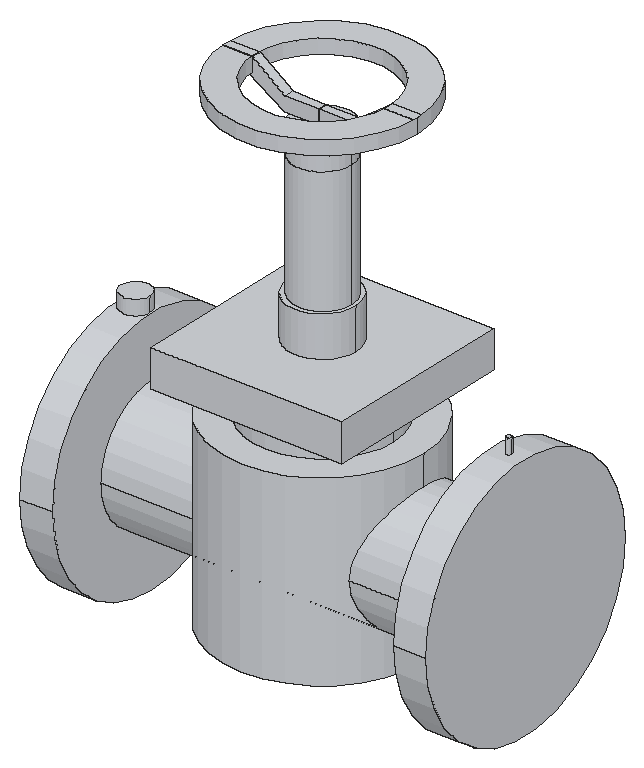
Revit family "Sigma_Compact_DN300-HF_PN16_RFA_2019", category Pipe Accessories, Revit 2019
Family settings
  Round Connector Dimension = Use Diameter
  Part Type = Valve - Breaks Into
  Work Plane-Based = No
  Always vertical = Yes
  Cut with Voids When Loaded = No
  Shared = No
Parameters (values of type "Sigma Compact DN 300 HF PN16")
  magiProductId = "f903017b03a74a7ebca8b59c0516bf"
  magiProductFamilyId = "01495da7eb234de3883c6bc9c8853e"
  magiPartTypeId = 304
  isMeasuringValve [instance] = no
  ang2D [instance] = 0.00°
  W2D = 50 mm
  VersionID = "2.0/2018.12.13.2/FRESE_SIGMA_C_BIG_Q13_001"
  Use Minimum Symbol Size [instance] = no
  URL = "www.hydronix.cz"
  Type Comments = "přírubový; PN16; max dp=800kPa; 0~+110°C; max uzavírací tlak 1MPa"
  R4 = 148.75 mm
  R3 = 135.2 mm
  R1 = 212.5 mm
  QmdConnectorList = "301;D;302;D"
  Productdata [instance] = ""
  Manufacturer = "Hydronix"
  Maintenance Zone Under Depth [instance] = 100 mm
  Maintenance Zone Right Depth [instance] = 100 mm
  Maintenance Zone Over Depth [instance] = 100 mm
  Maintenance Zone Left Depth [instance] = 100 mm
  Maintenance Zone Front Depth [instance] = 100 mm
  Maintenance Zone Back Depth [instance] = 100 mm
  Maintenance Zone Front Visibility [instance] = no
  MC Use Limits From Balancing Method = no
  MC Throttling Minimum Value = 0
  MC Throttling Maximum Value = 0
  MC Product Code = "53-2418 DN300; PN16; (245000-600000 l/h); kvs=717"
  MC Pressure Drop Minimum Value = 0.0 Pa
  MC Pressure Drop Maximum Value = 0.0 Pa
  MC Piping Given Pressure Drop [instance] = 0.0 Pa
  LF__ve = -LF  # -68 mm
  LF2 = 34 mm
  LF = 68 mm
  L432 = 69.912 mm
  L43 = 139.825 mm
  L42 = 199.75 mm
  L4 = 399.5 mm
  L3 = 714 mm
  L2D_Min = 30.48 mm
  L2D = 230 mm
  L2 = 425 mm
  HH12 = 29 mm
  HH1 = 58 mm
  HDF__ve = -HDF  # -424 mm
  HDF = 424 mm
  H6 = 85 mm
  H4 = 78 mm
  H3 = 65 mm
  H2 = 195 mm
  H11 = 390 mm
  H1 = 1082 mm
  H = 944 mm
  Description = "Automatický vyvažovací ventil"
  DF2 = 260 mm
  D = 300 mm
  Clearance Zone Height Depth [instance] = 100 mm
  Clearance Zone Circular Radius [instance] = 425 mm
  Clearance Zone Visibility [instance] = no
  CAT0 = yes
Types (9, lengths in mm): name | magiProductId | Type Comments | R4 | R3 | R1 | MC Product Code | LF__ve | LF2 | LF | L432 | L43 | L42 | L4 | L3 | L2 | HH12 | HH1 | HDF__ve | HDF | H4 | H3 | H2 | H11 | H1 | H | DF2 | D | Clearance Zone Circular Radius
  Sigma Compact DN 050 HF PN16 | "68e8ec0e285d475ea5c3f8787337ca" | "přírubový; PN16; max dp=800kPa; 0~+120°C; max uzavírací tlak 1MPa" | 40.25 | 42.9 | 57.5 | "53-2410 DN50; PN16; (3920-24000 l/h); kvs=34" | -18.4 | 9.2 | 18.4 | 18.917 | 37.835 | 54.05 | 108.1 | 193.2 | 115 | 16.5 | 33 | -202 | 202 | 24.75 | 20.625 | 61.875 | 123.75 | 480 | 367 | 82.5 | 50 | 115
  Sigma Compact DN 065 HF PN16 | "93d22af618bf47d6be13ef3bd41a97" | "přírubový; PN16; max dp=800kPa; 0~+120°C; max uzavírací tlak 1MPa" | 50.75 | 48.1 | 72.5 | "53-2411 DN65; PN16; (5950-35000 l/h); kvs=47" | -23.2 | 11.6 | 23.2 | 23.853 | 47.705 | 68.15 | 136.3 | 243.6 | 145 | 16.5 | 33 | -199 | 199 | 27.75 | 23.125 | 69.375 | 138.75 | 497 | 384 | 92.5 | 65 | 145
  Sigma Compact DN 080 HF PN16 | "30d16928369c437789493110503824" | "přírubový; PN16; max dp=800kPa; 0~+120°C; max uzavírací tlak 1MPa" | 54.25 | 52 | 77.5 | "53-2412 DN80; PN16; (7020-43000 l/h); kvs=61" | -24.8 | 12.4 | 24.8 | 25.497 | 50.995 | 72.85 | 145.7 | 260.4 | 155 | 16.5 | 33 | -213 | 213 | 30 | 25 | 75 | 150 | 526 | 413 | 100 | 80 | 155
  Sigma Compact DN 100 HF PN16 | "cbc2fc0a341c4a2b87b0bcbf79c376" | "přírubový; PN16; max dp=800kPa; 0~+120°C; max uzavírací tlak 1MPa" | 61.25 | 61.1 | 87.5 | "53-2413 DN100; PN16; (14800-90000 l/h); kvs=104" | -28 | 14 | 28 | 28.788 | 57.575 | 82.25 | 164.5 | 294 | 175 | 34 | 68 | -331 | 331 | 35.25 | 29.375 | 88.125 | 176.25 | 714 | 566 | 117.5 | 100 | 175
  Sigma Compact DN 125 HF PN16 | "02452206f7594718b3d97e4e693144" | "přírubový; PN16; max dp=800kPa; 0~+120°C; max uzavírací tlak 1MPa" | 70 | 70.2 | 100 | "53-2414 DN125; PN16; (23000-135000 l/h); kvs=185" | -32 | 16 | 32 | 32.9 | 65.8 | 94 | 188 | 336 | 200 | 36.5 | 73 | -338 | 338 | 40.5 | 33.75 | 101.25 | 202.5 | 761 | 608 | 135 | 125 | 200
  Sigma Compact DN 150 HF PN16 | "2e5d0064e2dd45fa818d7fb779c9a5" | "přírubový; PN16; max dp=800kPa; 0~+110°C; max uzavírací tlak 1MPa" | 84 | 74.1 | 120 | "53-2415 DN150; PN16; (32000-195000 l/h); kvs=242" | -38.4 | 19.2 | 38.4 | 39.48 | 78.96 | 112.8 | 225.6 | 403.2 | 240 | 13 | 26 | -391 | 391 | 42.75 | 35.625 | 106.875 | 213.75 | 782 | 676 | 142.5 | 150 | 240
  Sigma Compact DN 200 HF PN16 | "9690c155034b41f3a54554dedb5edf" | "přírubový; PN16; max dp=800kPa; 0~+110°C; max uzavírací tlak 1MPa" | 105 | 98.8 | 150 | "53-2416 DN200; PN16; (130000-280000 l/h); kvs=317" | -48 | 24 | 48 | 49.35 | 98.7 | 141 | 282 | 504 | 300 | 29.5 | 59 | -334 | 334 | 57 | 47.5 | 142.5 | 285 | 853 | 714 | 190 | 200 | 300
  Sigma Compact DN 250 HF PN16 | "baee3668eb0d4f168225ec1ed946f7" | "přírubový; PN16; max dp=800kPa; 0~+110°C; max uzavírací tlak 1MPa" | 127.75 | 115.44 | 182.5 | "53-2417 DN250; PN16; (245000-600000 l/h); kvs=717" | -58.4 | 29.2 | 58.4 | 60.042 | 120.085 | 171.55 | 343.1 | 613.2 | 365 | 29 | 58 | -462 | 462 | 66.6 | 55.5 | 166.5 | 333 | 1044 | 906 | 222 | 250 | 365
  Sigma Compact DN 300 HF PN16 | "f903017b03a74a7ebca8b59c0516bf" | "přírubový; PN16; max dp=800kPa; 0~+110°C; max uzavírací tlak 1MPa" | 148.75 | 135.2 | 212.5 | "53-2418 DN300; PN16; (245000-600000 l/h); kvs=717" | -68 | 34 | 68 | 69.912 | 139.825 | 199.75 | 399.5 | 714 | 425 | 29 | 58 | -424 | 424 | 78 | 65 | 195 | 390 | 1082 | 944 | 260 | 300 | 425
Reference planes
  plane 1 "Center (Front/Back)": y = 0
  plane 2 "XYPLANE": z = 0
  plane 3 "Center (Left/Right)": x = 0
  plane 4 "298": y = -360
  plane 5 "297": y = 360
  plane 6 "296": y = -260
  plane 7 "295": y = 260
  plane 8 "294": z = -360
  plane 9 "293": z = 922
  plane 10 "292": x = -525
  plane 11 "291": x = 525
  plane 12 "290": z = 922
  plane 13 "256": y = -20
  plane 14 "254": z = 703
  plane 15 "253": z = 713
  plane 16 "252": x = -40
  plane 17 "251": x = -30
  plane 18 "250": x = 40
  plane 19 "249": x = 30
  plane 20 "247": z = 423
  plane 21 "244": z = 684
  plane 22 "243": x = 199.75
  plane 23 "242": x = 139.825
  plane 24 "241": x = 69.912
  plane 25 "240": y = -10
  plane 26 "238": x = -69.912
  plane 27 "237": x = -139.825
  plane 28 "236": z = 742
  plane 29 "235": z = 772
  plane 30 "234": x = -199.75
  plane 31 "225": z = 822
  plane 32 "224": z = -260
  plane 33 "157": x = 391
  plane 34 "156": x = -391
  plane 35 "155": z = 260
  plane 36 "154": z = 338
  plane 37 "153": z = 260
  plane 38 "152": z = 195
  plane 39 "151": x = -357
  plane 40 "150": z = -195
  plane 41 "149": x = 0
  plane 42 "148": y = 0
  plane 43 "147": z = 0
  plane 44 "146": x = -425
  plane 45 "145": x = 425
Forms (mm)
  Blend 1, solid, visible <- "Maintenance Zone Front Visibility"
    base sketch origin (-750, 0, 922) x (1, 0, 0) y (0, 1, 0)
      loop
        line (225, 360) -> (225, -360) -> (1275, -360) -> (1275, 360) -> (225, 360)
    top sketch origin (-750, 0, 922) x (1, 0, 0) y (0, 1, 0)
      loop
        line (225, 360) -> (225, -360) -> (1275, -360) -> (1275, 360) -> (225, 360)
    from 0 to -1282
  Blend 2, solid, visible <- "Clearance Zone Visibility"
    base sketch origin (-750, 0, 0) x (1, 0, 0) y (0, 1, 0)
      loop
        circle (750, 0) r 425
    top sketch origin (-750, 0, 0) x (1, 0, 0) y (0, 1, 0)
      loop
        circle (750, 0) r 425
    from 0 to 922
  Extrusion 3, solid
    sketch origin (-750, 0, 684) x (1, 0, 0) y (0, 1, 0)
      loop
        circle (750, 0) r 60.995
    from 0 to -424 <- "HDF__ve"
  Extrusion 4, solid
    sketch origin (-750, 0, 423) x (1, 0, 0) y (0, 1, 0)
      loop
        line (780, 20) -> (720, 20) -> (720, -20) -> (780, -20) -> (780, 20)
    from 0 to 25
  Extrusion 5, solid
    sketch origin (750, -20, 0) x (-1, 0, 0) y (0, 0, 1)
      loop
        line (790, 423) -> (790, 713) -> (710, 713) -> (710, 423) -> (720, 423) -> (720, 703) -> (780, 703) -> (780, 423) -> (790, 423)
    from 0 to 40
  Extrusion 6, solid
    sketch origin (-750, 0, 423) x (1, 0, 0) y (0, 1, 0)
      loop
        circle (750, 0) r 25
    from 0 to 30
  Extrusion 7, solid
    sketch origin (750, -10, 0) x (-1, 0, 0) y (0, 0, 1)
      loop
        line (889.825, 822) -> (819.912, 772) -> (750, 772) -> (750, 742) -> (819.912, 742) -> (949.75, 822) -> (889.825, 822)
    from 0 to 20
  Extrusion 8, solid
    sketch origin (750, -10, 0) x (-1, 0, 0) y (0, 0, 1)
      loop
        line (610.175, 822) -> (550.25, 822) -> (680.088, 742) -> (750, 742) -> (750, 772) -> (680.088, 772) -> (610.175, 822)
    from 0 to 20
  Extrusion 9, solid
    sketch origin (-750, 0, 684) x (1, 0, 0) y (0, 1, 0)
      loop
        circle (750, 0) r 60.995
    from 0 to 58 <- "HH1"
  Extrusion 10, solid
    sketch origin (-750, 0, 822) x (1, 0, 0) y (0, 1, 0)
      loop
        circle (750, 0) r 199.75
      loop
        circle (750, 0) r 139.825
    from 0 to -30
  Extrusion 11, solid, visible <- "CAT0"
    sketch origin (-750, 0, 260) x (1, 0, 0) y (0, 1, 0)
      loop
        circle (1141, 0) r 5.5
    from 0 to 30
  Extrusion 12, solid, visible <- "CAT0"
    sketch origin (-750, 0, 260) x (1, 0, 0) y (0, 1, 0)
      loop
        circle (359, 0) r 30.3
    from 0 to 30
  Extrusion 13, solid, visible <- "CAT0"
    sketch origin (-750, 0, 338) x (1, 0, 0) y (0, 1, 0)
      loop
        circle (750, 0) r 70.995
    from 0 to 85 <- "H6"
  Extrusion 14, solid, visible <- "CAT0"
    sketch origin (-750, 0, 260) x (1, 0, 0) y (0, 1, 0)
      loop
        line (949.75, 199.75) -> (550.25, 199.75) -> (550.25, -199.75) -> (949.75, -199.75) -> (949.75, 199.75)
    from 0 to 78 <- "H4"
  Extrusion 15, solid, visible <- "CAT0"
    sketch origin (-750, 0, 195) x (1, 0, 0) y (0, 1, 0)
      loop
        circle (750, 0) r 148.75
    from 0 to 65 <- "H3"
  Extrusion 16, solid, visible <- "CAT0"
    sketch origin (-357, -750, 0) x (0, 1, 0) y (0, 0, 1)
      loop
        circle (750, 0) r 135.2
    from 0 to 714 <- "L3"
  Extrusion 17, solid, visible <- "CAT0"
    sketch origin (-750, 0, -195) x (1, 0, 0) y (0, 1, 0)
      loop
        circle (750, 0) r 212.5
    from 0 to 390 <- "H11"
  Extrusion 18, solid, visible <- "CAT0"
    sketch origin (-425, -750, 0) x (0, 1, 0) y (0, 0, 1)
      loop
        circle (750, 0) r 260
    from 0 to 68 <- "LF"
  Extrusion 19, solid, visible <- "CAT0"
    sketch origin (425, -750, 0) x (0, 1, 0) y (0, 0, 1)
      loop
        circle (750, 0) r 260
    from 0 to -68 <- "LF__ve"
  Extrusion 20, solid, not visible
    sketch origin (-425, -750, 0) x (0, 1, 0) y (0, 0, 1)
      loop
        circle (750, 0) r 10
    from 0 to 10
  Extrusion 21, solid, not visible
    sketch origin (425, -750, 0) x (0, 1, 0) y (0, 0, 1)
      loop
        circle (750, 0) r 10
    from 0 to -10
Lines and regions (mm)
  reference lines, not visible
    curve 1: circle (2, 2, 0) r 1 normal (0, 0, 1)
  reference lines
    curve 2: circle (0, 0, 260) r 1 normal (0, 0, 1)
Dimensions and locks
  plane 1 "Center (Front/Back)" to curve 1 = 2 mm
  "Maintenance Zone Front Depth": plane 6 "296" to plane 4 "298"
  "Maintenance Zone Back Depth": plane 7 "295" to plane 5 "297"
  "DF2": plane 42 "148" to plane 6 "296"
  "DF2": plane 42 "148" to plane 7 "295"
  "Maintenance Zone Under Depth": plane 32 "224" to plane 8 "294"
  "Maintenance Zone Over Depth": plane 31 "225" to plane 9 "293"
  "Maintenance Zone Left Depth": plane 44 "146" to plane 10 "292"
  "Maintenance Zone Right Depth": plane 45 "145" to plane 11 "291"
  "Clearance Zone Height Depth": plane 31 "225" to plane 12 "290"
  locked: plane 25 "240" to plane 13 "256" at 10
  locked: plane 15 "253" to plane 14 "254" at 10
  "HH12": plane 21 "244" to plane 15 "253"
  locked: plane 17 "251" to plane 16 "252" at 10
  locked: plane 41 "149" to plane 17 "251" at 30
  locked: plane 19 "249" to plane 18 "250" at 10
  locked: plane 41 "149" to plane 19 "249" at 30
  "H6": plane 36 "154" to plane 20 "247"
  "H": plane 32 "224" to plane 21 "244"
  "L42": plane 41 "149" to plane 22 "243"
  "L43": plane 41 "149" to plane 23 "242"
  "L432": plane 41 "149" to plane 24 "241"
  locked: plane 42 "148" to plane 25 "240" at 10
  "L432": plane 41 "149" to plane 26 "238"
  "L43": plane 41 "149" to plane 27 "237"
  locked: plane 29 "235" to plane 28 "236" at 30
  locked: plane 31 "225" to plane 29 "235" at 50
  "L42": plane 41 "149" to plane 30 "234"
  "H1": plane 32 "224" to plane 31 "225"
  "DF2": plane 2 "XYPLANE" to plane 32 "224"
  "LF2": plane 45 "145" to plane 33 "157"
  "LF2": plane 44 "146" to plane 34 "156"
  "DF2": plane 2 "XYPLANE" to plane 35 "155"
  "H4": plane 37 "153" to plane 36 "154"
  "H3": plane 38 "152" to plane 37 "153"
  "H11": plane 40 "150" to plane 38 "152"
  "LF": plane 44 "146" to plane 39 "151"
  "H2": plane 2 "XYPLANE" to plane 40 "150"
  locked: plane 3 "Center (Left/Right)" to plane 41 "149"
  locked: plane 1 "Center (Front/Back)" to plane 42 "148"
  locked: plane 2 "XYPLANE" to plane 43 "147"
  "L2": plane 3 "Center (Left/Right)" to plane 44 "146"
  "L2": plane 3 "Center (Left/Right)" to plane 45 "145"
  Blend 1 sketch curve to Blend 1 sketch curve = 0 mm  (x16)
  Extrusion 4 sketch curve to Extrusion 4 sketch curve = 0 mm  (x8)
  Extrusion 5 sketch curve to Extrusion 5 sketch curve = 0 mm  (x16)
  Extrusion 7 sketch curve to Extrusion 7 sketch curve = 0 mm  (x12)
  Extrusion 8 sketch curve to Extrusion 8 sketch curve = 0 mm  (x12)
  equal spacing: Extrusion 14 sketch curve, curve 2, Extrusion 14 sketch curve  (x2)
  "L4": Extrusion 14 sketch curve to Extrusion 14 sketch curve  (x2)
  Extrusion 14 sketch curve to Extrusion 14 sketch curve = 0 mm  (x8)
  "Clearance Zone Circular Radius": radius of Blend 2 sketch curve  (x2)
  "L42": radius of Extrusion 10 sketch curve
  "L43": radius of Extrusion 10 sketch curve
  "R4": radius of Extrusion 15 sketch curve
  "R3": radius of Extrusion 16 sketch curve
  "R1": radius of Extrusion 17 sketch curve
  "DF2": radius of Extrusion 18 sketch curve
  "DF2": radius of Extrusion 19 sketch curve
  aligned and locked: level to plane 2 "XYPLANE"
  aligned and locked: Blend 1 sketch curve to plane 5 "297"  (x2)
  aligned and locked: plane 10 "292" to Blend 1 sketch curve  (x4)
  aligned and locked: plane 11 "291" to Blend 1 sketch curve  (x4)
  aligned and locked: plane 5 "297" to Blend 1 sketch curve  (x2)
  aligned and locked: plane 4 "298" to Blend 1 sketch curve  (x4)
  aligned and locked: Blend 1 to plane 8 "294"
  aligned and locked: plane 41 "149" to Blend 2 sketch curve  (x2)
  aligned and locked: plane 42 "148" to Blend 2 sketch curve  (x2)
  aligned and locked: plane 12 "290" to Blend 2
  aligned and locked: plane 41 "149" to Extrusion 3 sketch curve
  aligned and locked: plane 42 "148" to Extrusion 3 sketch curve
  aligned and locked: Extrusion 5 sketch curve to plane 16 "252"
  aligned and locked: plane 20 "247" to Extrusion 5 sketch curve  (x4)
  aligned and locked: plane 15 "253" to Extrusion 5 sketch curve  (x2)
  aligned and locked: plane 16 "252" to Extrusion 5 sketch curve
  aligned and locked: plane 18 "250" to Extrusion 5 sketch curve  (x2)
  aligned and locked: plane 19 "249" to Extrusion 5 sketch curve  (x2)
  aligned and locked: plane 14 "254" to Extrusion 5 sketch curve  (x2)
  aligned and locked: plane 17 "251" to Extrusion 5 sketch curve  (x2)
  aligned and locked: plane 41 "149" to Extrusion 6 sketch curve
  aligned and locked: plane 42 "148" to Extrusion 6 sketch curve
  aligned and locked: plane 27 "237" to Extrusion 7 sketch curve
  aligned and locked: plane 31 "225" to Extrusion 7 sketch curve  (x2)
  aligned and locked: plane 26 "238" to Extrusion 7 sketch curve  (x2)
  aligned and locked: plane 29 "235" to Extrusion 7 sketch curve  (x2)
  aligned and locked: plane 41 "149" to Extrusion 7 sketch curve  (x2)
  aligned and locked: plane 28 "236" to Extrusion 7 sketch curve  (x2)
  aligned and locked: plane 30 "234" to Extrusion 7 sketch curve
  aligned and locked: plane 23 "242" to Extrusion 8 sketch curve
  aligned and locked: plane 31 "225" to Extrusion 8 sketch curve  (x2)
  aligned and locked: plane 24 "241" to Extrusion 8 sketch curve  (x2)
  aligned and locked: plane 29 "235" to Extrusion 8 sketch curve  (x2)
  aligned and locked: plane 41 "149" to Extrusion 8 sketch curve  (x2)
  aligned and locked: plane 28 "236" to Extrusion 8 sketch curve  (x2)
  aligned and locked: plane 22 "243" to Extrusion 8 sketch curve
  aligned and locked: plane 41 "149" to Extrusion 9 sketch curve
  aligned and locked: plane 42 "148" to Extrusion 9 sketch curve
  aligned and locked: plane 41 "149" to Extrusion 10 sketch curve  (x2)
  aligned and locked: plane 42 "148" to Extrusion 10 sketch curve  (x2)
  aligned and locked: plane 33 "157" to Extrusion 11 sketch curve
  aligned and locked: plane 42 "148" to Extrusion 11 sketch curve
  aligned and locked: plane 34 "156" to Extrusion 12 sketch curve
  aligned and locked: plane 42 "148" to Extrusion 12 sketch curve
  aligned and locked: plane 41 "149" to Extrusion 13 sketch curve
  aligned and locked: plane 42 "148" to Extrusion 13 sketch curve
  aligned and locked: plane 41 "149" to curve 2
  aligned and locked: plane 42 "148" to curve 2
  aligned and locked: plane 41 "149" to Extrusion 15 sketch curve
  aligned and locked: plane 42 "148" to Extrusion 15 sketch curve
  aligned and locked: Extrusion 16 sketch curve to plane 42 "148"
  aligned and locked: plane 43 "147" to Extrusion 16 sketch curve
  aligned and locked: plane 41 "149" to Extrusion 17 sketch curve
  aligned and locked: plane 42 "148" to Extrusion 17 sketch curve
  aligned and locked: Extrusion 18 sketch curve to plane 42 "148"
  aligned and locked: plane 43 "147" to Extrusion 18 sketch curve
  aligned and locked: Extrusion 19 sketch curve to plane 42 "148"
  aligned and locked: plane 43 "147" to Extrusion 19 sketch curve
  aligned and locked: Extrusion 20 sketch curve to plane 42 "148"
  aligned and locked: plane 43 "147" to Extrusion 20 sketch curve
  aligned and locked: Extrusion 21 sketch curve to plane 42 "148"
  aligned and locked: plane 43 "147" to Extrusion 21 sketch curve
Automatic sketch dimensions
  plane 26 "238" to Extrusion 3 sketch curve = 8.917 mm
  Extrusion 4 sketch curve to plane 17 "251" = 0 mm
  Extrusion 4 sketch curve to plane 13 "256" = 0 mm
  Extrusion 4 sketch curve to plane 19 "249" = 0 mm
  Extrusion 4 sketch curve to plane 1 "Center (Front/Back)" = 20 mm
  plane 17 "251" to Extrusion 6 sketch curve = 5 mm
  plane 26 "238" to Extrusion 9 sketch curve = 8.917 mm
  Extrusion 11 sketch curve to plane 33 "157" = 5.5 mm
  plane 44 "146" to Extrusion 12 sketch curve = 3.7 mm
  Extrusion 13 sketch curve to plane 26 "238" = 1.083 mm
  Extrusion 20 sketch curve to plane 25 "240" = 0 mm
  Extrusion 21 sketch curve to plane 25 "240" = 0 mm
  plane 3 "Center (Left/Right)" to curve 1 = 2 mm
  Extrusion 14 sketch curve to plane 30 "234" = 0 mm
  plane 6 "296" to Extrusion 14 sketch curve = 60.25 mm
  radius of curve 2 = 1 mm
  radius of curve 1 = 1 mm
Connectors
  piping at (-425, 0, 0), diameter 300, driven by "D"
    settings: on Extrusion 20, index 1, connector inside diameter 609.6 mm, connector length 0 mm, flow factor 0, pipe flow 0.0 L/s, pressure drop 0.0 Pa, fitting loss kfactor 0, connector angle 0.00°, fixture units 0, engagement length 0 mm, angle of deflection 0.00°, flow configuration 0, flow direction 0, fitting loss method 0, system type 29, joint type 0, gender type 0, connector reference index 2, connector utility 0, adjustable connector no, is connector primary yes, connector description ""
  piping at (425, 0, 0), diameter 300, driven by "D"
    settings: on Extrusion 21, index 2, connector inside diameter 609.6 mm, connector length 0 mm, flow factor 0, pipe flow 0.0 L/s, pressure drop 0.0 Pa, fitting loss kfactor 0, connector angle 0.00°, fixture units 0, engagement length 0 mm, angle of deflection 0.00°, flow configuration 0, flow direction 0, fitting loss method 0, system type 29, joint type 0, gender type 0, connector reference index 1, connector utility 0, adjustable connector no, is connector primary no, connector description ""
